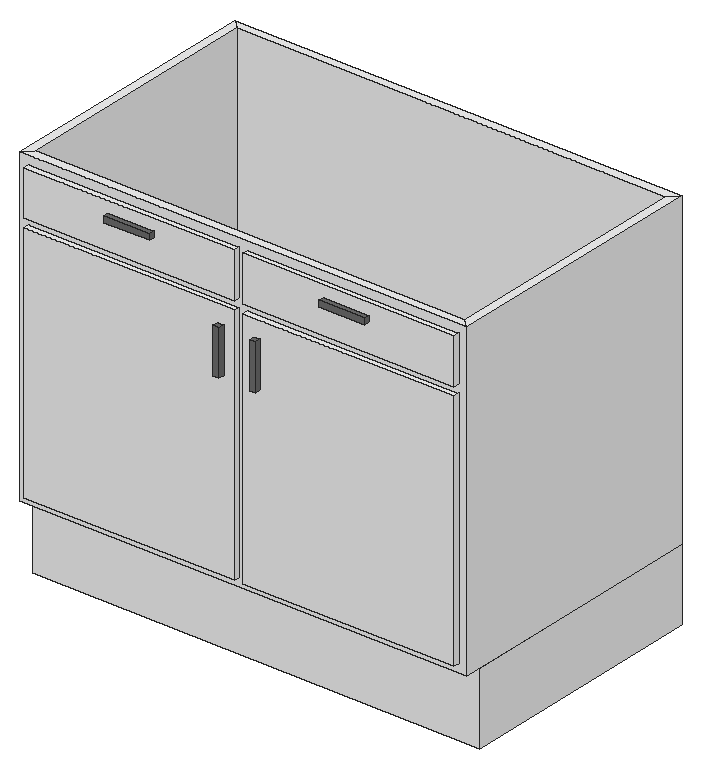
Revit family
Parameters (values of type "1000mm")
  Cabinet Material = none
  Depth = 600 mm
  Door/Drawer Material = none
  Handle Material = Cabinets - Handles
  Height = 860 mm
  Plinth Depth = 35 mm
  Plinth Height = 160 mm
  Width = 1000 mm
Types (3, lengths in mm): name | Width
  (no name) | 1000
  600mm | 600
  1000mm | 1000
Reference planes
  plane 1 "Back": y = 0
  plane 2: z = 0
  plane 3 "Center": x = 18.738
  plane 4 "Left": x = -481.262
  plane 5 "Right": x = 518.738
  plane 6 "Front": y = -600
  plane 7 "Top": z = 860
  plane 8: y = -565
  plane 9: z = 160
  plane 10: z = 840.95
  plane 11: z = 179.05
  plane 12: x = -462.212
  plane 13: x = 499.688
  plane 14: z = 739.35
  plane 15: z = 720.3
  plane 16: x = -272.537
  plane 17: x = -170.937
  plane 18: z = 815.55
  plane 19: z = 802.85
  plane 20: z = 682.2
  plane 21: z = 580.6
  plane 22: x = -16.187
  plane 23: x = -28.887
  plane 24: x = 9.213
  plane 25: x = 28.263
  plane 26: x = 53.663
  plane 27: x = 66.363
  plane 28: x = -221.737
  plane 29: x = 259.213
  plane 30: x = 208.413
  plane 31: x = 310.013
  plane 32: z = 449.675
Forms (mm)
  Extrusion 1, solid, material <- "Cabinet Material"
    sketch origin (0, 0, 0) x (1, 0, 0) y (0, 1, 0)
      loop
        line (-481.262, 0) -> (-481.262, -565) -> (518.738, -565) -> (518.738, 0) -> (-481.262, 0)
    from 0 to 160
  Sweep 2, solid, material <- "Cabinet Material"
    path origin (0, 0, 0) x (1, 0, 0) y (0, 1, 0)
      loop
        line (518.738, 0) -> (-481.262, 0) -> (-481.262, -600) -> (518.738, -600) -> (518.738, 0)
    profile origin (0, -300, 0) x (1, 0, 0) y (0, 0, 1)
      loop
        line (518.738, 160) -> (518.738, 860) -> (499.688, 860) -> (499.688, 160) -> (518.738, 160)
  Extrusion 3, solid, material <- "Cabinet Material"
    sketch origin (0, 0, 0) x (1, 0, 0) y (0, 1, 0)
      loop
        line (-462.212, -19.05) -> (-462.212, -580.95) -> (499.688, -580.95) -> (499.688, -19.05) -> (-462.212, -19.05)
    from 179.05 to 160
  Extrusion 4, solid, material <- "Door/Drawer Material"
    sketch origin (0, -600, 0) x (1, 0, 0) y (0, 0, 1)
      loop
        line (-462.212, 840.95) -> (-462.212, 739.35) -> (9.213, 739.35) -> (9.213, 840.95) -> (-462.212, 840.95)
      loop
        line (28.263, 840.95) -> (28.263, 739.35) -> (499.688, 739.35) -> (499.688, 840.95) -> (28.263, 840.95)
      loop
        line (-462.212, 720.3) -> (-462.212, 179.05) -> (9.213, 179.05) -> (9.213, 720.3) -> (-462.212, 720.3)
      loop
        line (28.263, 720.3) -> (28.263, 179.05) -> (499.688, 179.05) -> (499.688, 720.3) -> (28.263, 720.3)
    from 0 to 12.7
  Extrusion 5, solid, material "Cabinets - Handles" <- "Handle Material"
    sketch origin (0, -600, 0) x (1, 0, 0) y (0, 0, 1)
      loop
        line (-272.537, 815.55) -> (-272.537, 802.85) -> (-170.937, 802.85) -> (-170.937, 815.55) -> (-272.537, 815.55)
      loop
        line (208.413, 815.55) -> (208.413, 802.85) -> (310.013, 802.85) -> (310.013, 815.55) -> (208.413, 815.55)
      loop
        line (-28.887, 682.2) -> (-28.887, 580.6) -> (-16.187, 580.6) -> (-16.187, 682.2) -> (-28.887, 682.2)
      loop
        line (53.663, 682.2) -> (53.663, 580.6) -> (66.363, 580.6) -> (66.363, 682.2) -> (53.663, 682.2)
    from 12.7 to 25.4
Lines and regions (mm)
  symbolic lines, style "Plan Rep - Below"
    curve 1: line (518.738, -600, 0) -> (-481.262, -600, 0)
    curve 2: line (518.738, 0, 0) -> (518.738, -600, 0)
    curve 3: line (-481.262, 0, 0) -> (518.738, 0, 0)
    curve 4: line (-481.262, -600, 0) -> (-481.262, 0, 0)
  model lines
    curve 5: line (499.688, -600, 739.35) -> (28.263, -600, 739.35)
    curve 6: line (499.688, -600, 840.95) -> (499.688, -600, 739.35)
    curve 7: line (-462.212, -600, 840.95) -> (9.213, -600, 840.95)
    curve 8: line (-462.212, -600, 739.35) -> (-462.212, -600, 840.95)
    curve 9: line (499.688, -600, 179.05) -> (28.263, -600, 179.05)
    curve 10: line (499.688, -600, 720.3) -> (499.688, -600, 179.05)
    curve 11: line (-462.212, -600, 720.3) -> (9.213, -600, 720.3)
    curve 12: line (-462.212, -600, 179.05) -> (-462.212, -600, 720.3)
    curve 13: line (-272.537, -600, 815.55) -> (-170.937, -600, 815.55)
    curve 14: line (-272.537, -600, 802.85) -> (-272.537, -600, 815.55)
    curve 15: line (-170.937, -600, 802.85) -> (-272.537, -600, 802.85)
    curve 16: line (-170.937, -600, 815.55) -> (-170.937, -600, 802.85)
    curve 17: line (-28.887, -600, 682.2) -> (-16.187, -600, 682.2)
    curve 18: line (-28.887, -600, 580.6) -> (-28.887, -600, 682.2)
    curve 19: line (-16.187, -600, 580.6) -> (-28.887, -600, 580.6)
    curve 20: line (-16.187, -600, 682.2) -> (-16.187, -600, 580.6)
    curve 21: line (28.263, -600, 179.05) -> (28.263, -600, 720.3)
    curve 22: line (9.213, -600, 179.05) -> (9.213, -600, 720.3)
    curve 23: line (66.363, -600, 682.2) -> (53.663, -600, 682.2)
    curve 24: line (66.363, -600, 580.6) -> (66.363, -600, 682.2)
    curve 25: line (53.663, -600, 580.6) -> (66.363, -600, 580.6)
    curve 26: line (53.663, -600, 682.2) -> (53.663, -600, 580.6)
    curve 27: line (28.263, -600, 720.3) -> (499.688, -600, 720.3)
    curve 28: line (9.213, -600, 179.05) -> (-462.212, -600, 179.05)
    curve 29: line (310.013, -600, 815.55) -> (208.413, -600, 815.55)
    curve 30: line (310.013, -600, 802.85) -> (310.013, -600, 815.55)
    curve 31: line (208.413, -600, 802.85) -> (310.013, -600, 802.85)
    curve 32: line (208.413, -600, 815.55) -> (208.413, -600, 802.85)
    curve 33: line (9.213, -600, 739.35) -> (9.213, -600, 840.95)
    curve 34: line (28.263, -600, 739.35) -> (28.263, -600, 840.95)
    curve 35: line (28.263, -600, 840.95) -> (499.688, -600, 840.95)
    curve 36: line (9.213, -600, 739.35) -> (-462.212, -600, 739.35)
  symbolic lines, style "Elevation Swing"
    curve 37: line (9.213, 0, 720.3) -> (-462.212, 0, 449.675)
    curve 38: line (-462.212, 0, 449.675) -> (9.213, 0, 179.05)
    curve 39: line (28.263, 0, 179.05) -> (499.688, 0, 449.675)
    curve 40: line (499.688, 0, 449.675) -> (28.263, 0, 720.3)
Dimensions and locks
  "Depth": plane 6 "Front" to plane 1 "Back"
  "Width": plane 4 "Left" to plane 5 "Right"
  equal spacing: plane 4 "Left", plane 3 "Center", plane 5 "Right"
  "Height": level to plane 7 "Top"
  "Plinth Height": plane 2 to plane 9
  "Plinth Depth": plane 6 "Front" to plane 8
  locked: plane 4 "Left" to plane 12 at 19.05
  locked: plane 13 to plane 5 "Right" at 19.05
  locked: plane 7 "Top" to plane 10 at 19.05
  locked: plane 11 to plane 9 at 19.05
  plane 10 to plane 14 to plane 15 = 101.6 mm locked, 19.05 mm locked
  plane 15 to plane 20 to plane 21 = 38.1 mm locked, 101.6 mm locked
  plane 10 to plane 18 to plane 19 = 25.4 mm locked, 12.7 mm locked
  plane 25 to plane 3 "Center" to plane 24 = 9.525 mm locked, 9.525 mm locked
  plane 24 to plane 22 to plane 23 = 25.4 mm locked, 12.7 mm locked
  plane 25 to plane 26 to plane 27 = 25.4 mm locked, 12.7 mm locked
  equal spacing: plane 12, plane 28, plane 3 "Center"
  equal spacing: plane 13, plane 29, plane 3 "Center"
  plane 16 to plane 28 to plane 17 = 50.8 mm locked, 50.8 mm locked
  plane 30 to plane 29 to plane 31 = 50.8 mm locked, 50.8 mm locked
  equal spacing: plane 15, plane 32, plane 11
  aligned and locked: plane 1 "Back" to Extrusion 1 sketch curve
  aligned and locked: Extrusion 1 sketch curve to plane 5 "Right"
  aligned and locked: Extrusion 1 sketch curve to plane 8
  aligned and locked: plane 4 "Left" to Extrusion 1 sketch curve
  aligned and locked: Extrusion 1 to level
  aligned and locked: Sweep 2 sketch curve to plane 6 "Front"
  aligned and locked: plane 1 "Back" to Sweep 2 sketch curve
  aligned and locked: Sweep 2 sketch curve to plane 5 "Right"  (x2)
  aligned and locked: plane 4 "Left" to Sweep 2 sketch curve
  aligned and locked: plane 7 "Top" to Sweep 2 sketch curve
  aligned and locked: plane 9 to Sweep 2 sketch curve
  aligned and locked: Sweep 2 to Extrusion 3 sketch curve  (x2)
  aligned and locked: Extrusion 3 sketch curve to Sweep 2  (x2)
  aligned and locked: Extrusion 3 to plane 11
  aligned and locked: Extrusion 3 to plane 9
  aligned and locked: plane 9 to Extrusion 1
Automatic sketch dimensions
  profile plane to Sweep 2 sketch curve = 19.05 mm
  curve 1 to plane 4 "Left" = 0 mm
  curve 3 to plane 1 "Back" = 0 mm
  curve 3 to plane 5 "Right" = 0 mm
  curve 1 to plane 6 "Front" = 0 mm
  Extrusion 4 sketch curve to plane 12 = 0 mm  (x2)
  Extrusion 4 sketch curve to plane 10 = 0 mm  (x2)
  Extrusion 4 sketch curve to plane 24 = 0 mm  (x2)
  Extrusion 4 sketch curve to plane 11 = 0 mm  (x2)
  Extrusion 4 sketch curve to plane 14 = 0 mm  (x2)
  Extrusion 4 sketch curve to plane 25 = 0 mm  (x2)
  Extrusion 4 sketch curve to plane 15 = 0 mm  (x2)
  Extrusion 4 sketch curve to plane 13 = 0 mm  (x2)
  Extrusion 5 sketch curve to plane 16 = 0 mm
  Extrusion 5 sketch curve to plane 17 = 0 mm
  Extrusion 5 sketch curve to plane 20 = 0 mm  (x2)
  Extrusion 5 sketch curve to plane 23 = 0 mm
  Extrusion 5 sketch curve to plane 21 = 0 mm  (x2)
  Extrusion 5 sketch curve to plane 22 = 0 mm
  Extrusion 5 sketch curve to plane 26 = 0 mm
  Extrusion 5 sketch curve to plane 27 = 0 mm
  Extrusion 5 sketch curve to plane 18 = 0 mm  (x2)
  Extrusion 5 sketch curve to plane 30 = 0 mm
  Extrusion 5 sketch curve to plane 19 = 0 mm  (x2)
  Extrusion 5 sketch curve to plane 31 = 0 mm
  curve 35 to plane 10 = 0 mm
  curve 35 to plane 13 = 0 mm
  curve 40 to plane 13 = 0 mm
  curve 10 to plane 13 = 0 mm
  curve 31 to plane 19 = 0 mm
  curve 31 to plane 31 = 0 mm
  curve 29 to plane 18 = 0 mm
  curve 29 to plane 30 = 0 mm
  curve 23 to plane 20 = 0 mm
  curve 23 to plane 27 = 0 mm
  curve 26 to plane 26 = 0 mm
  curve 27 to plane 15 = 0 mm
  curve 27 to plane 25 = 0 mm
  curve 39 to plane 11 = 0 mm
  curve 39 to plane 25 = 0 mm
  curve 34 to plane 25 = 0 mm
  curve 40 to plane 15 = 0 mm
  curve 40 to plane 25 = 0 mm
  curve 22 to plane 11 = 0 mm
  curve 22 to plane 24 = 0 mm
  curve 33 to plane 10 = 0 mm
  curve 33 to plane 24 = 0 mm
  curve 37 to plane 15 = 0 mm
  curve 37 to plane 24 = 0 mm
  curve 38 to plane 11 = 0 mm
  curve 38 to plane 24 = 0 mm
  curve 19 to plane 21 = 0 mm
  curve 19 to plane 22 = 0 mm
  curve 19 to plane 23 = 0 mm
  curve 16 to plane 17 = 0 mm
  curve 13 to plane 16 = 0 mm
  curve 36 to plane 12 = 0 mm
  curve 12 to plane 12 = 0 mm
  curve 38 to plane 12 = 0 mm
  curve 13 to plane 18 = 0 mm
  curve 15 to plane 19 = 0 mm
  curve 36 to plane 14 = 0 mm
  curve 5 to plane 14 = 0 mm
  curve 22 to plane 15 = 0 mm
  curve 20 to plane 20 = 0 mm
  curve 26 to plane 21 = 0 mm
  curve 40 to plane 32 = 0 mm
  curve 37 to plane 32 = 0 mm
  curve 9 to plane 11 = 0 mm
